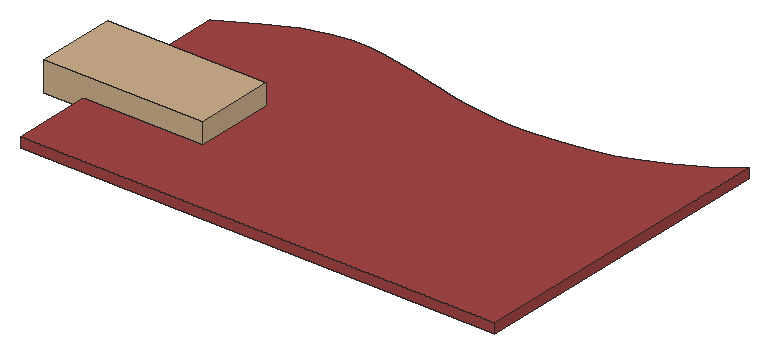
Revit family "Signage-NovaPolymers_Wave", category Specialty Equipment, host Face, Revit 2026
Family settings
  Host = Face
  Round Connector Dimension = Use Diameter
  Part Type = Normal
  Classification Number = 23.40.90.11.11
  Enable Cutting in Views = No
  Cut with Voids When Loaded = No
  Maintain Annotation Orientation = No
  Shared = No
  Room Calculation Point = No
Parameters
  Warranty Duration (Years) = 0
  Vertical Burning = "94V-2 in thickness of 0.118 inch (3.0 mm) or greater and 94HB in thicknesses less than 0.118 inch (3.0 mm)"
  Unit Width [instance] = 0' - 6"
  Unit Height [instance] = 0' - 4"
  URL = "http://www.novapolymers.com"
  Specification = "http://www.arcat.com/sd/clients/novapoly.html?coid=43994"
  SpecWizard = "http://www.arcat.com/specwizard/10440npi/index.htm?mf=&coid=43994"
  Send Message = "http://admin.arcat.com/users.pl?action=UserEmail&company=Nova%20Polymers,%20Inc.&coid=43994&rep=121&fax=&mf="
  Sales Information = "http://www.novapolymers.com/contact-us"
  Product Properties = "http://www.arcat.com/bim/bim_info.pl?fn=Signage_NovaPolymers"
  Product Data = "http://www.arcat.com/arcatcos/cos43/arc43994.html"
  Panel Thickness = 0' - 0 1/8"
  Panel Material [instance] = Nova Polymers NovaCryl ECR - Finish as Specified
  Panel Attachment = Attachment : As Specified in Section 10 14 36
  Offset from Face [instance] = 0' - 1"
  Model = "As Specified in 10 14 36"
  Material - Frame Components [instance] = Wood - Maple - Gloss Lacquer
  Manufacturer Website = "http://www.novapolymers.com"
  Manufacturer Phone - Toll Free = "888-484-NOVA (6682)"
  Manufacturer Phone = "973-227-6695"
  Manufacturer Fax = "973-882-0237"
  Manufacturer Address = "8 Evans St.; Suite 201; Fairfield; NJ 07004 \r\n"
  Manufacturer = "Nova Polymers, Inc."
  Maintenance Schedule (Months) = 0
  Keynote = "10 14 36"
  Installation-Fabrication = "http://www.novapolymers.com/technical-support/how-to-manual"
  Installation Phase = ""
  Green Building-LEED = "http://www.arcat.com/green/clients/leed_data_43994.html"
  Frame Thickness = 0' - 0 1/8"
  Frame Overlap = 0' - 0 1/2"
  Frame [instance] = yes
  Finish - Hardware [instance] = Aluminum - Clear Anodized Finish
  Expected Lifespan (Years) = 0
  E84_Surface Burning Characteristics = "Flame spread/smoke developed rating less than 75/120"
  Drawn By = "Robert S. Weygant. CSI, CDT, SCIP"  # constant formula
  Dpth2 = Panel Thickness * 2  # 0' - 0 1/4"
  Description = "Nova Polymers Signage as Specified in 10 14 36"
  Default Elevation = 3' - 0"
  D635_Rate of Burning = "Classification CC1 at nominal 0.060 inch (1.5 mm) thickness "
  Copyright = "2009, ARCAT, Inc"
  Building Codes = "http://www.novapolymers.com/technical-support/ada"
  Assembly Code = "C1030510"
Reference planes (in)
  plane 1 "Substrate Face": y = -0.29112
  plane 2 "Floor Line": z = 0
  plane 3 "Center (Left/Right)": x = -0.65843
  plane 4: z = 48
  plane 5: x = -3.65843
  plane 6: x = 2.34157
  plane 7: y = 33.70888
  plane 8: y = 29.70888
  plane 9: z = 1
  plane 10: z = 1.125
  plane 11: y = 31.70888
  plane 12: z = 1.375
Forms (in)
  Extrusion 1, solid, material "Nova Polymers NovaCryl ECR - Finish as Specified" <- "Panel Material"
    sketch origin (0, 0, 0) x (1, 0, 0) y (0, 1, 0)
      loop
        line (-3.65843, 29.70888) -> (2.34157, 29.70888) -> (2.34157, 33.70888)
        spline (2.34157, 33.70888) -> (1.70889, 33.29275) -> (1.15456, 33.06789) -> (0.65941, 32.96061) -> (0.20538, 32.91533) -> (-0.2229, 32.92044) -> (-0.6404, 32.9708) -> (-1.06004, 33.0587) -> (-1.48177, 33.15992) -> (-1.90052, 33.2439) -> (-2.3267, 33.26978) -> (-2.8656, 33.13392) -> (-3.65843, 32.70888)
        line (-3.65843, 32.70888) -> (-3.65843, 29.70888)
    from 1 to 1.125
  Extrusion 2, solid, material "Wood - Maple - Gloss Lacquer" <- "Material - Frame Components"
    sketch origin (0, 0, 0) x (1, 0, 0) y (0, 1, 0)
      loop
        line (-4.15843, 31.70888) -> (-4.15843, 30.70888) -> (-2.15843, 30.70888) -> (-2.15843, 31.70888) -> (-4.15843, 31.70888)
    from 1 to 1.375
Dimensions and locks (in)
  equal spacing: plane 6, plane 3 "Center (Left/Right)", plane 5
  "Unit Width": plane 6 to plane 5
  "Panel Thickness": plane 10 to plane 9
  "Offset from Face": plane 9 to plane 2 "Floor Line"
  "Unit Height": plane 7 to plane 8
  equal spacing: plane 7, plane 11, plane 8
  Extrusion 2 sketch curve to Extrusion 2 sketch curve = 0' - 1"
  Extrusion 2 sketch curve to Extrusion 2 sketch curve = 0' - 2"
  locked: Extrusion 2 sketch curve to plane 5 at 0.5
  "Dpth2": plane 12 to plane 10
  aligned and locked: host face to level
  aligned and locked: plane 1 "Substrate Face" to host face
  aligned and locked: plane 8 to Extrusion 1 sketch curve
  aligned and locked: Extrusion 1 sketch curve to plane 6
  aligned and locked: Extrusion 1 to plane 9
  aligned and locked: plane 10 to Extrusion 1
  aligned and locked: plane 7 to Extrusion 1 sketch curve
  aligned and locked: Extrusion 2 sketch curve to plane 11
  aligned and locked: Extrusion 2 to plane 9
  aligned and locked: plane 12 to Extrusion 2
Automatic sketch dimensions
  host sketch curve to host sketch curve = 1' - 0"
  host sketch curve to host sketch curve = 3' - 9.34712"
  Extrusion 1 sketch curve to plane 5 = 0' - 0"
  Extrusion 1 sketch curve to plane 7 = 0' - 1"
